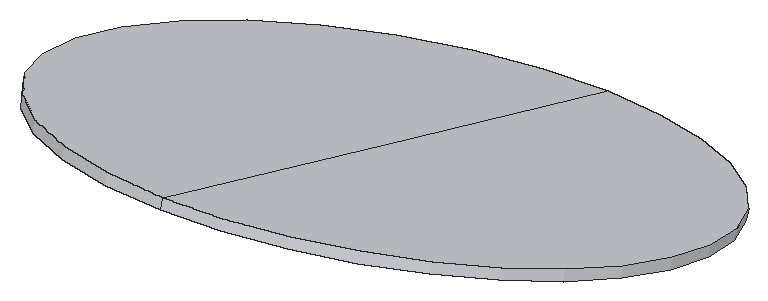
Revit family "Alcon-13101-SM-M-Revit Family", category Lighting Fixtures, Revit 2025
Family settings
  Round Connector Dimension = Use Diameter
  Part Type = Normal
  Work Plane-Based = Yes
  Always vertical = No
  Cut with Voids When Loaded = No
  Light Source = No
  Maintain Annotation Orientation = No
  Shared = No
  Room Calculation Point = No
Parameters (values of type "LCALDJ2W-L09UE-DUN-40")
  lamp = Lamp
  Width = 2 9/16"  # constant formula
  Wattage Comments = ""
  Wattage = 15 W
  Waterproof = ""
  URL = "https://www.alconlighting.com/?srsltid=AfmBOooDPhGQ0dEP-X2PMtxFfvvWpIAEL4jCll_O2F4_to5onvhnBomy"
  To intersect with a cutting plan [instance] = 97"
  Specification Sheets = "https://www.alconlighting.com/13101-sm-m.html"
  Rotation angle (-325....+325) degrees [instance] = 0.00°
  Product Page = "https://www.alconlighting.com/13101-sm-m.html"
  Photo = "https://www.alconlighting.com/13101-sm-m.html"
  OPTIONS = "Frosted Lens -FR, Louver -LVR"
  Model = "13301-SM-M"
  Manufacturer = "ALCON LIGHTING"
  Luminous Flux = 1000 lm
  Line Art = "https://www.alconlighting.com/13101-sm-m.html"
  Lamp = "LED"
  LED = "T30:3000K"
  Instruction Sheet = "https://www.alconlighting.com/13101-sm-m.html"
  IES File = "https://www.alconlighting.com/13101-sm-m.html"
  ID# = ""
  Housing = White
  Height = 6"  # constant formula
  FINISH = "W: White"
  Efficacy = 66.67 lm/W
  Description = "Architectural-grade surface, pendant and track mount adjustable accent LED provides the flexibility to put the light where you want it, whether into tight corners or accenting your favorite sculpture."
  Depth = 2 9/16"  # constant formula
  Default Elevation = 48"
  DIMMING = "Non-Dimming (120V)"
  COLOR TEMP = "3000K (90 CRI)"
  BEAM SPREAD = ""
  Tilt angle  (0... +90) degrees [instance] = 15.00°
Reference planes (in)
  plane 1 "Light Source Axis (F/B)": y = -1.33068
  plane 2: z = 0
  plane 3 "Light Source Axis (L/R)": x = -3.95312
  plane 4: y = -2.61193
  plane 5: y = -3.89318
  plane 6: x = -5.23437
  plane 7: x = -2.67187
  plane 8: z = -97.75
  plane 9: z = -2
  plane 10: z = -4
  plane 11: z = -6
Lines and regions (in)
  model lines, style "InvisibleLines"
    curve 1: line (-3.95312, -1.33068, -0.75) -> (-3.95312, -1.33068, -97)
  reference lines, not visible
    curve 2: line (-3.95312, -2.61193, 0) -> (-3.95312, -55.61193, 0)
Dimensions and locks (in)
  "Depth": plane 1 "Light Source Axis (F/B)" to plane 5
  "Width": plane 6 to plane 7
  "Height": level to plane 11
  "To intersect with a cutting plan": level to curve 1
  equal spacing: plane 9, plane 10, plane 11
  locked: curve 2 to plane 3 "Light Source Axis (L/R)"
  equal spacing: plane 1 "Light Source Axis (F/B)", plane 4, plane 5
  equal spacing: plane 6, plane 3 "Light Source Axis (L/R)", plane 7
  locked: curve 2 to plane 4
  plane 9 to plane 11 = 4"
  "Rotation angle (-325....+325) degrees": angle curve 2 to plane 3 "Light Source Axis (L/R)"
  aligned and locked: level to plane 2
  aligned and locked: plane 4 to nested 1
  aligned and locked: plane 3 "Light Source Axis (L/R)" to nested 1
Automatic sketch dimensions
  plane 3 "Light Source Axis (L/R)" to curve 1 = 0"
  curve 1 to level = 3/4"
Nested families (in)
  nested 1: "Housing_LCALDJ2W" at (-3.95312, -2.61193, 0), type "Housing_LCALDJ2W"
    with Housing none
  nested 2: "Housing rotation_LCALDJ2W" at (-2.14062, 0, 0.2591), Tilt angle  (0... +90) degrees <- "Tilt angle  (0... +90) degrees", Rotation angle (-325....+325) degrees <- "Rotation angle (-325....+325) degrees", type "Housing rotation_LCALDJ2W"
    with To intersect with a cutting plan 97", Tilt angle  (0... +90) degrees 15.00°, Rotation angle (-325....+325) degrees 0.00°
Definition of nested family "Housing rotation_LCALDJ2W"
  Parameters
    lamp = none
    Width = 2 9/16"  # constant formula
    Wattage Comments = ""
    Wattage = 15 W
    Waterproof = ""
    URL = ""
    To intersect with a cutting plan [instance] = 97"
    Tilt angle  (0... +90) degrees [instance] = 45.00°
    Specification Sheets = ""
    Rotation angle (-325....+325) degrees [instance] = 90.00°
    Photo = ""
    OPTIONS = ""
    Model = ""
    Manufacturer = ""
    Luminous Flux = 1000 lm
    Line Art = ""
    Lamp = "LED"
    LED = ""
    Instruction Sheet = ""
    IES File = ""
    ID# = ""
    Housing = none
    Height = 6"  # constant formula
    FINISH = ""
    Efficacy = 66.67 lm/W
    Description = ""
    Depth = 2 9/16"  # constant formula
    Default Elevation = 48"
    DIMMING = ""
    COLOR TEMP = ""
    BEAM SPREAD = ""
  Reference planes (in)
    plane 1 "Light Source Axis (F/B)": y = -1.33068
    plane 2: z = 0
    plane 3 "Light Source Axis (L/R)": x = -1.8125
    plane 4: y = -2.61193
    plane 5: y = -3.89318
    plane 6: z = -97.75
    plane 7: z = -3.1875
    plane 8: z = -4.59375
    plane 9: z = -6
  Lines and regions (in)
    reference lines, not visible
      curve 1: line (-1.8125, -2.61193, -4.59375) -> (-1.8125, -11.80432, 4.59864)
  Dimensions and locks (in)
    "Depth": plane 1 "Light Source Axis (F/B)" to plane 5
    "Height": level to plane 9
    level to curve 1 = 4 19/32"
    plane 8 to curve 1 = 0"
    plane 7 to plane 9 = 2 13/16"
    equal spacing: plane 7, plane 8, plane 9
    equal spacing: plane 1 "Light Source Axis (F/B)", plane 4, plane 5
    "Tilt angle  (0... +90) degrees": angle plane 8 to curve 1
    aligned and locked: level to plane 2
    aligned and locked: plane 3 "Light Source Axis (L/R)" to nested 1
    aligned and locked: plane 3 "Light Source Axis (L/R)" to curve 1
    aligned and locked: nested 1 to curve 1
  Automatic sketch dimensions
    curve 1 to plane 4 = 0"
  Nested families (in)
    nested 1: "Housing turning _LCALDJ2W" at (-1.8125, -2.61193, -4.59375) x (1, 0, 0) z (0, 0.7071, 0.7071), type "Housing turning _LCALDJ2W"
      with lamp none, Housing none
  Definition of nested family "Housing turning _LCALDJ2W"
    Parameters
      lamp [instance] = none
      Wattage = 14.9993 W
      built-in parameter 1150110 = 1 (stored number, unit not read)
      built-in parameter 1114217 = 1 (stored number, unit not read)
      Tilt Angle = 90.00°
      built-in parameter 1150109 = 1 (stored number, unit not read)
      built-in parameter 1150134 = (empty or 0)
      built-in parameter 1150113 = 1 (stored number, unit not read)
      built-in parameter 1010507 = 0.51662 (stored number, unit not read)
      built-in parameter 1010506 = 0.27402 (stored number, unit not read)
      Model = "Housing"
      built-in parameter 1150105 = 16159.2 (stored number, unit not read)
      Lumens = 1000 lm
      built-in parameter 1150115 = 1 (stored number, unit not read)
      Light Source Symbol Length = 120"
      built-in parameter 1150137 = (empty or 0)
      built-in parameter 1150139 = (empty or 0)
      built-in parameter 1150112 = 1 (stored number, unit not read)
      built-in parameter 1150114 = 1 (stored number, unit not read)
      built-in parameter 1150132 = (empty or 0)
      built-in parameter 1150102 = (empty or 0)
      built-in parameter 1150107 = 3000 (stored number, unit not read)
      built-in parameter 1150138 = (empty or 0)
      built-in parameter 1150106 = 161.59 (stored number, unit not read)
      Housing [instance] = none
      Emit from Circle Diameter = 2"
      Emit Shape Visible in Rendering = no
      built-in parameter 1150104 = 6.1938 (stored number, unit not read)
      Dimming Lamp Color Temperature Shift = (empty or 0)
      Default Elevation = 48"
      Color Filter = 16777215
      built-in parameter 1114218 = 1 (stored number, unit not read)
      built-in parameter 1150133 = 10 (stored number, unit not read)
    Reference planes (in)
      plane 1 "Center (Front/Back)": y = 0
      plane 2: z = 0
      plane 3 "Center (Left/Right)": x = 0
      plane 4: z = -1.55552
      plane 5: z = -1.72139
      plane 6: z = 1.53543
    Forms (in)
      Revolve 1, solid, material <- "lamp"
        sketch origin (0, 0, 1.85093) x (0, 1, 0) y (0, 0, 1)
          loop
            line (0, -3.36738) -> (1.20005, -3.36738) -> (1.20005, -3.32407) -> (0, -3.32407) -> (0, -3.36738)
          axis (0, -3.32407) -> (0, -3.36738)
        angle from 0 to 360
    Dimensions and locks (in)
      imposter light to imposter light = 120"
      imposter light to plane 5 = 0.16565"
      aligned and locked: plane 2 to level
      aligned and locked: plane 4 to imposter light
      aligned and locked: imposter light to plane 1 "Center (Front/Back)"
Definition of nested family "Housing_LCALDJ2W"
  Parameters
    Housing [instance] = none
    Default Elevation = 0"
  Reference planes (in)
    plane 1 "Center (Front/Back)": y = 0
    plane 2: z = 0
    plane 3 "Center (Left/Right)": x = 0
  Dimensions and locks (in)
    aligned and locked: plane 2 to level
